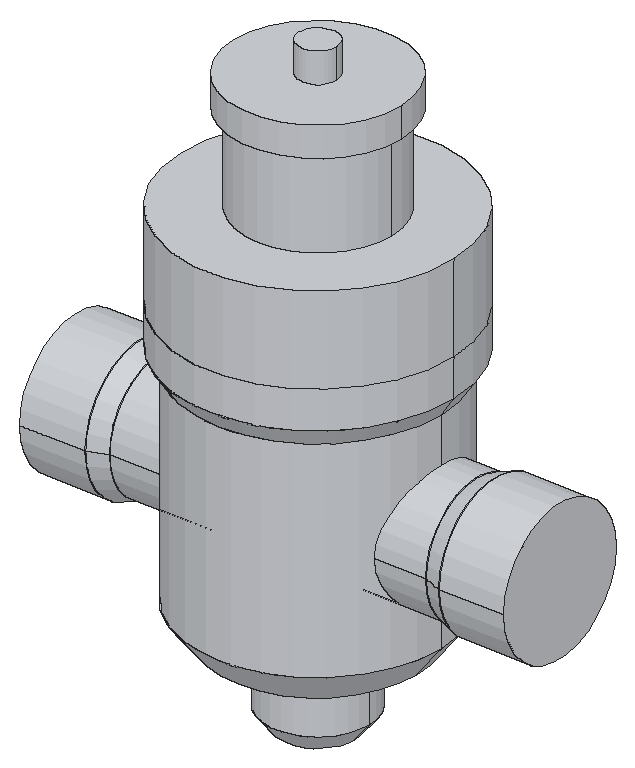
Revit family "VSX11P_DN15_PN16_RFA_2018", category Pipe Accessories, Revit 2018
Family settings
  Round Connector Dimension = Use Diameter
  Part Type = Valve - Breaks Into
  Work Plane-Based = No
  Always vertical = Yes
  Cut with Voids When Loaded = No
  Shared = No
Parameters (values of type "VSX11P G1/2  PN16 kvs0,6")
  magiProductId = ""
  magiProductFamilyId = ""
  magiPartTypeId = 306
  isMeasuringValve [instance] = no
  ang2D [instance] = 0.00°
  Z8 = 4 mm
  Z7__ve = -Z7  # -3.2 mm
  Z7 = 3.2 mm
  Z5 = 9.45 mm
  Z3 = 2 mm
  Z2 = 4.6 mm
  Z1 = 3.45 mm
  X4__ve = -X4  # -7 mm
  X4 = 7 mm
  X3 = 34 mm
  W2D = 15 mm
  VersionID = ""
  Use Minimum Symbol Size [instance] = yes
  URL = "www.hydronix.cz"
  Type Comments = "Závitový, vnější závit, ploché těsnění; LIN charakteristika; PN16; +5~+95°C; max.rychlost proudění 3,0 m/s"
  R9 = 9 mm
  R8 = 2 mm
  R7 = 14.63 mm
  R6 = 10.64 mm
  R5 = 6.703 mm
  R4 = 5.586 mm
  R3 = 3.99 mm
  R2 = 13.3 mm
  R10 = 8 mm
  R1 = 6.75 mm
  QmdConnectorList = "301;D;302;D"
  Productdata [instance] = ""
  Manufacturer = "Hydronix"
  MC Product Code = "VSX11P (G1/2\"; dpmax=250kPa; kvs 0,6)"
  LT2 = 19 mm
  L2D_Min = 3048 mm
  L2D = 38 mm
  H1 = 22.5 mm
  H = 27 mm
  E = 16 mm
  Description = "2 cestný regulační ventil malých spotřebičů, DN15; zdvih 2,5mm; max dp 250kPa; kvs0,6"
  DT2 = 7.5 mm
  D = 15 mm
  CAT0 = yes
  C = 23 mm
Types (8, lengths in mm): name | Z5 | Z2 | Z1 | X3 | R7 | R6 | R5 | R4 | R3 | R2 | R1 | MC Product Code | LT2 | H | Description | DT2 | D | C
  VSX09P G1/2  PN16 kvs0,25 | 9.45 | 4.6 | 3.45 | 34 | 14.63 | 10.64 | 6.703 | 5.586 | 3.99 | 13.3 | 6.75 | "VSX09P (G1/2\"; dpmax=250kPa; kvs 0,25)" | 19 | 27 | "2 cestný regulační ventil malých spotřebičů, DN15; zdvih 2,5mm; max dp 250kPa; kvs0,25" | 7.5 | 15 | 23
  VSX10P G1/2  PN16 kvs0,4 | 9.45 | 4.6 | 3.45 | 34 | 14.63 | 10.64 | 6.703 | 5.586 | 3.99 | 13.3 | 6.75 | "VSX10P (G1/2\"; dpmax=250kPa; kvs 0,4)" | 19 | 27 | "2 cestný regulační ventil malých spotřebičů, DN15; zdvih 2,5mm; max dp 250kPa; kvs0,4" | 7.5 | 15 | 23
  VSX11P G1/2  PN16 kvs0,6 | 9.45 | 4.6 | 3.45 | 34 | 14.63 | 10.64 | 6.703 | 5.586 | 3.99 | 13.3 | 6.75 | "VSX11P (G1/2\"; dpmax=250kPa; kvs 0,6)" | 19 | 27 | "2 cestný regulační ventil malých spotřebičů, DN15; zdvih 2,5mm; max dp 250kPa; kvs0,6" | 7.5 | 15 | 23
  VSX12P G1/2  PN16 kvs1,0 | 9.45 | 4.6 | 3.45 | 34 | 14.63 | 10.64 | 6.703 | 5.586 | 3.99 | 13.3 | 6.75 | "VSX12P (G1/2\"; dpmax=250kPa; kvs 1,0)" | 19 | 27 | "2 cestný regulační ventil malých spotřebičů, DN15; zdvih 2,5mm; max dp 250kPa; kvs1,0" | 7.5 | 15 | 23
  VSX13P G1/2  PN16 kvs1,6 | 9.45 | 4.6 | 3.45 | 34 | 14.63 | 10.64 | 6.703 | 5.586 | 3.99 | 13.3 | 6.75 | "VSX13P (G1/2\"; dpmax=250kPa; kvs 1,6)" | 19 | 27 | "2 cestný regulační ventil malých spotřebičů, DN15; zdvih 2,5mm; max dp 250kPa; kvs1,6" | 7.5 | 15 | 23
  VSX21P G3/4  PN16 kvs2,5 | 9.1 | 4.8 | 3.6 | 38 | 16.17 | 11.76 | 7.409 | 6.174 | 4.41 | 14.7 | 9 | "VSX21P (G3/4\"; dpmax=150kPa; kvs 2,5)" | 21 | 26 | "2 cestný regulační ventil malých spotřebičů, DN20; zdvih 2,5mm; max dp 150kPa; kvs2,5" | 10 | 20 | 24
  VSX24P G3/4  PN16 kvs4,0 | 9.1 | 4.8 | 3.6 | 38 | 16.17 | 11.76 | 7.409 | 6.174 | 4.41 | 14.7 | 9 | "VSX24P (G3/4\"; dpmax=150kPa; kvs 4,0)" | 21 | 26 | "2 cestný regulační ventil malých spotřebičů, DN20; zdvih 2,5mm; max dp 150kPa; kvs4,0" | 10 | 20 | 24
  VSX26P G3/4  PN16 kvs6,0 | 9.1 | 4.8 | 3.6 | 38 | 16.17 | 11.76 | 7.409 | 6.174 | 4.41 | 14.7 | 9 | "VSX26P (G3/4\"; dpmax=150kPa; kvs 6,0)" | 21 | 26 | "2 cestný regulační ventil malých spotřebičů, DN20; zdvih 2,5mm; max dp 150kPa; kvs6,0" | 10 | 20 | 24
Reference planes
  plane 1 "Center (Front/Back)": y = 0
  plane 2 "XYPLANE": z = 0
  plane 3 "Center (Left/Right)": x = 0
  plane 4 "271": z = 36.6
  plane 5 "254": z = 11.55
  plane 6 "253": z = 17.55
  plane 7 "148": z = 39.8
  plane 8 "132": z = 43
  plane 9 "62": z = 13.55
  plane 10 "53": z = 27
  plane 11 "52": z = -10.95
  plane 12 "48": z = -14.4
  plane 13 "47": z = -16.4
  plane 14 "38": z = -21
  plane 15 "37": x = 17
  plane 16 "36": x = 19
  plane 17 "23": z = -23
  plane 18 "19": x = -17
  plane 19 "15": x = -19
  plane 20 "6": x = 26
  plane 21 "5": x = -26
  plane 22 "3": z = 0
  plane 23 "2": y = 0
  plane 24 "1": x = 0
Forms (mm)
  Extrusion 1, solid, visible <- "CAT0"
    sketch origin (-750, 0, 43) x (1, 0, 0) y (0, 1, 0)
      loop
        circle (750, 0) r 2
    from 0 to -3.2 <- "Z7__ve"
  Extrusion 2, solid, visible <- "CAT0"
    sketch origin (-750, 0, 36.6) x (1, 0, 0) y (0, 1, 0)
      loop
        circle (750, 0) r 8
    from 0 to -19
  Extrusion 3, solid, visible <- "CAT0"
    sketch origin (-17, -750, 0) x (0, 1, 0) y (0, 0, 1)
      loop
        circle (750, 0) r 6.75
    from 0 to 34 <- "X3"
  Extrusion 4, solid
    sketch origin (-750, 0, 13.55) x (1, 0, 0) y (0, 1, 0)
      loop
        circle (750, 0) r 14.63
    from 0 to 4 <- "Z8"
  Extrusion 5, solid
    sketch origin (-750, 0, 39.8) x (1, 0, 0) y (0, 1, 0)
      loop
        circle (750, 0) r 9
    from 0 to -3.2 <- "Z7__ve"
  Extrusion 6, solid
    sketch origin (-750, 0, 17.55) x (1, 0, 0) y (0, 1, 0)
      loop
        circle (750, 0) r 14.63
    from 0 to 9.45 <- "Z5"
  Blend 7, solid
    base sketch origin (-750, 0, 11.55) x (1, 0, 0) y (0, 1, 0)
      loop
        circle (750, 0) r 13.3
    top sketch origin (-750, 0, 11.55) x (1, 0, 0) y (0, 1, 0)
      loop
        circle (750, 0) r 14.63
    from 0 to 2
  Blend 8, solid
    base sketch origin (-750, 0, -10.95) x (1, 0, 0) y (0, 1, 0)
      loop
        circle (750, 0) r 13.3
    top sketch origin (-750, 0, -10.95) x (1, 0, 0) y (0, 1, 0)
      loop
        circle (750, 0) r 10.64
    from 0 to -3.45
  Blend 9, solid
    base sketch origin (-750, 0, -14.4) x (1, 0, 0) y (0, 1, 0)
      loop
        circle (750, 0) r 6.703
    top sketch origin (-750, 0, -14.4) x (1, 0, 0) y (0, 1, 0)
      loop
        circle (750, 0) r 5.586
    from 0 to -2
  Extrusion 10, solid
    sketch origin (-750, 0, -21) x (1, 0, 0) y (0, 1, 0)
      loop
        circle (750, 0) r 5.586
    from 0 to 4.6 <- "Z2"
  Blend 11, solid
    base sketch origin (-750, 0, -23) x (1, 0, 0) y (0, 1, 0)
      loop
        circle (750, 0) r 3.99
    top sketch origin (-750, 0, -23) x (1, 0, 0) y (0, 1, 0)
      loop
        circle (750, 0) r 5.586
    from 0 to 2
  Extrusion 12, solid
    sketch origin (26, -750, 0) x (0, 1, 0) y (0, 0, 1)
      loop
        circle (750, 0) r 7.5
    from 0 to -7 <- "X4__ve"
  Blend 13, solid
    base sketch origin (19, -750, 0) x (0, 1, 0) y (0, 0, 1)
      loop
        circle (750, 0) r 7.5
    top sketch origin (19, -750, 0) x (0, 1, 0) y (0, 0, 1)
      loop
        circle (750, 0) r 6.75
    from 0 to -2
  Extrusion 14, solid
    sketch origin (-750, 0, -10.95) x (1, 0, 0) y (0, 1, 0)
      loop
        circle (750, 0) r 13.3
    from 0 to 22.5 <- "H1"
  Blend 15, solid
    base sketch origin (-19, -750, 0) x (0, 1, 0) y (0, 0, 1)
      loop
        circle (750, 0) r 7.5
    top sketch origin (-19, -750, 0) x (0, 1, 0) y (0, 0, 1)
      loop
        circle (750, 0) r 6.75
    from 0 to 2
  Extrusion 16, solid
    sketch origin (-26, -750, 0) x (0, 1, 0) y (0, 0, 1)
      loop
        circle (750, 0) r 7.5
    from 0 to 7 <- "X4"
  Extrusion 17, solid, not visible
    sketch origin (19, -750, 0) x (0, 1, 0) y (0, 0, 1)
      loop
        circle (750, 0) r 10
    from 0 to -10
  Extrusion 18, solid, not visible
    sketch origin (-19, -750, 0) x (0, 1, 0) y (0, 0, 1)
      loop
        circle (750, 0) r 10
    from 0 to 10
Lines and regions (mm)
  reference lines, not visible
    curve 1: circle (2, 2, 0) r 1 normal (0, 0, 1)
Dimensions and locks
  plane 1 "Center (Front/Back)" to curve 1 = 2 mm
  "Z7": plane 7 "148" to plane 4 "271"
  "Z3": plane 9 "62" to plane 5 "254"
  "Z5": plane 10 "53" to plane 6 "253"
  "Z7": plane 8 "132" to plane 7 "148"
  "E": plane 10 "53" to plane 8 "132"
  "Z8": plane 6 "253" to plane 9 "62"
  "H": plane 2 "XYPLANE" to plane 10 "53"
  "Z1": plane 12 "48" to plane 11 "52"
  "Z3": plane 13 "47" to plane 12 "48"
  "Z2": plane 14 "38" to plane 13 "47"
  "Z3": plane 17 "23" to plane 14 "38"
  locked: plane 16 "36" to plane 15 "37" at 2
  "LT2": plane 3 "Center (Left/Right)" to plane 16 "36"
  "C": plane 2 "XYPLANE" to plane 17 "23"
  locked: plane 19 "15" to plane 18 "19" at 2
  "LT2": plane 3 "Center (Left/Right)" to plane 19 "15"
  "X4": plane 16 "36" to plane 20 "6"
  "X4": plane 19 "15" to plane 21 "5"
  locked: plane 2 "XYPLANE" to plane 22 "3"
  locked: plane 1 "Center (Front/Back)" to plane 23 "2"
  locked: plane 3 "Center (Left/Right)" to plane 24 "1"
  "R8": radius of Extrusion 1 sketch curve
  "R10": radius of Extrusion 2 sketch curve
  "R1": radius of Extrusion 3 sketch curve
  "R7": radius of Extrusion 4 sketch curve
  "R9": radius of Extrusion 5 sketch curve
  "R7": radius of Extrusion 6 sketch curve
  "R7": radius of Blend 7 sketch curve
  "R2": radius of Blend 7 sketch curve
  "R6": radius of Blend 8 sketch curve
  "R2": radius of Blend 8 sketch curve
  "R4": radius of Blend 9 sketch curve
  "R5": radius of Blend 9 sketch curve
  "R4": radius of Extrusion 10 sketch curve
  "R4": radius of Blend 11 sketch curve
  "R3": radius of Blend 11 sketch curve
  "DT2": radius of Extrusion 12 sketch curve
  "R1": radius of Blend 13 sketch curve
  "DT2": radius of Blend 13 sketch curve
  "R2": radius of Extrusion 14 sketch curve
  "R1": radius of Blend 15 sketch curve
  "DT2": radius of Blend 15 sketch curve
  "DT2": radius of Extrusion 16 sketch curve
  aligned and locked: level to plane 2 "XYPLANE"
  aligned and locked: plane 23 "2" to Extrusion 1 sketch curve
  aligned and locked: plane 24 "1" to Extrusion 1 sketch curve
  aligned and locked: plane 23 "2" to Extrusion 2 sketch curve
  aligned and locked: plane 24 "1" to Extrusion 2 sketch curve
  aligned and locked: plane 22 "3" to Extrusion 3 sketch curve
  aligned and locked: Extrusion 3 sketch curve to plane 23 "2"
  aligned and locked: plane 23 "2" to Extrusion 4 sketch curve
  aligned and locked: plane 24 "1" to Extrusion 4 sketch curve
  aligned and locked: plane 23 "2" to Extrusion 5 sketch curve
  aligned and locked: plane 24 "1" to Extrusion 5 sketch curve
  aligned and locked: plane 23 "2" to Extrusion 6 sketch curve
  aligned and locked: plane 24 "1" to Extrusion 6 sketch curve
  aligned and locked: plane 23 "2" to Blend 7 sketch curve  (x2)
  aligned and locked: plane 24 "1" to Blend 7 sketch curve  (x2)
  aligned and locked: plane 9 "62" to Blend 7
  aligned and locked: plane 23 "2" to Blend 8 sketch curve  (x2)
  aligned and locked: plane 24 "1" to Blend 8 sketch curve  (x2)
  aligned and locked: Blend 8 to plane 12 "48"
  aligned and locked: plane 23 "2" to Blend 9 sketch curve  (x2)
  aligned and locked: plane 24 "1" to Blend 9 sketch curve  (x2)
  aligned and locked: Blend 9 to plane 13 "47"
  aligned and locked: plane 23 "2" to Extrusion 10 sketch curve
  aligned and locked: plane 24 "1" to Extrusion 10 sketch curve
  aligned and locked: plane 23 "2" to Blend 11 sketch curve  (x2)
  aligned and locked: plane 24 "1" to Blend 11 sketch curve  (x2)
  aligned and locked: plane 14 "38" to Blend 11
  aligned and locked: plane 22 "3" to Extrusion 12 sketch curve
  aligned and locked: Extrusion 12 sketch curve to plane 23 "2"
  aligned and locked: plane 22 "3" to Blend 13 sketch curve  (x2)
  aligned and locked: Blend 13 sketch curve to plane 23 "2"  (x2)
  aligned and locked: Blend 13 to plane 15 "37"
  aligned and locked: plane 23 "2" to Extrusion 14 sketch curve
  aligned and locked: plane 24 "1" to Extrusion 14 sketch curve
  aligned and locked: plane 22 "3" to Blend 15 sketch curve  (x2)
  aligned and locked: Blend 15 sketch curve to plane 23 "2"  (x2)
  aligned and locked: plane 18 "19" to Blend 15
  aligned and locked: plane 22 "3" to Extrusion 16 sketch curve
  aligned and locked: Extrusion 16 sketch curve to plane 23 "2"
  aligned and locked: plane 22 "3" to Extrusion 17 sketch curve
  aligned and locked: Extrusion 17 sketch curve to plane 23 "2"
  aligned and locked: plane 22 "3" to Extrusion 18 sketch curve
  aligned and locked: Extrusion 18 sketch curve to plane 23 "2"
Automatic sketch dimensions
  plane 1 "Center (Front/Back)" to Extrusion 17 sketch curve = 10 mm
  plane 1 "Center (Front/Back)" to Extrusion 18 sketch curve = 10 mm
  plane 3 "Center (Left/Right)" to curve 1 = 2 mm
  radius of curve 1 = 1 mm
Connectors
  piping at (-19, 0, 0), diameter 15, driven by "D"
    settings: on Extrusion 18, index 1, connector inside diameter 609.6 mm, connector length 0 mm, flow factor 0, pipe flow 0.0 L/s, pressure drop 0.0 Pa, fitting loss kfactor 0, connector angle 0.00°, fixture units 0, engagement length 0 mm, angle of deflection 0.00°, flow configuration 0, flow direction 0, fitting loss method 0, system type 29, joint type 0, gender type 0, connector reference index 2, connector utility 0, adjustable connector no, is connector primary yes, connector description ""
  piping at (19, 0, 0), diameter 15, driven by "D"
    settings: on Extrusion 17, index 2, connector inside diameter 609.6 mm, connector length 0 mm, flow factor 0, pipe flow 0.0 L/s, pressure drop 0.0 Pa, fitting loss kfactor 0, connector angle 0.00°, fixture units 0, engagement length 0 mm, angle of deflection 0.00°, flow configuration 0, flow direction 0, fitting loss method 0, system type 29, joint type 0, gender type 0, connector reference index 1, connector utility 0, adjustable connector no, is connector primary no, connector description ""
